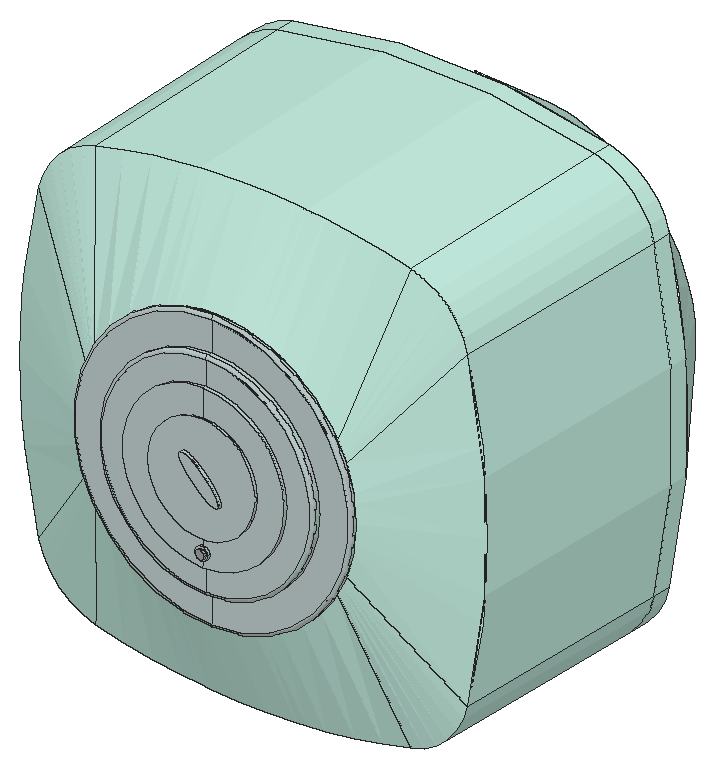
Revit family
Parameters (values of type "440 X 455 X 389")
  Wattage = 1500 W
  Hot Water Pipe Radius = Hot Water Pipe Diameter / 2  # 6.35 mm
  Hot Water Pipe Diameter = 12.7 mm
  Length D = 113 mm
  Heating Time (min) = "80"
  Heater Width = 440 mm
  Width = 455 mm
  URL = "http://www.autospec.co.za/browse.php?id=1660957480"
  Product Code = "FPRX-30-OB"
  OmniClass Title = ""
  OmniClass Number = ""
  Modspec Classification = ""
  Specification = ""
  Material = Galvanised Steel
  Weight (Kg) = "14"
  Location (revit room) = ""
  Model = "Prisma Storage Water Heater FPRX 30 OB"
  Manufacturer = "Kwikot"  # constant formula
  Length = 440 mm
  Electrical Supply = 230 V
  Depth = 389 mm
  Colour = none
  Cold Water Pipe Radius = Cold Water Pipe Diameter / 2  # 6.35 mm
  Cold Water Pipe Diameter = 12.7 mm
  Capacity (Litres) = 30.00 L
  Body Material = Green
  Body Finish = none
  Assembly Code = "D3010500"
Reference planes
  plane 1 "Center (Front/Back)": y = 0
  plane 2 "Bottom": z = 0
  plane 3 "Center (Left/Right)": x = 0
  plane 4: z = 220
  plane 5: z = -220
  plane 6: z = -235
  plane 7: x = -220
  plane 8: x = 220
  plane 9: y = 389
  plane 10: y = 276
  plane 11: y = 293.5
  plane 12: y = 20
  plane 13: y = 63.5
Forms (mm)
  Extrusion 1, solid, material "Red"
    sketch origin (-583.163, -1524, -220) x (-1, 0, 0) y (0, -1, 0)
      loop
        circle (-533.163, -1809) r 6.35
    from 4.425 to -15
  Extrusion 2, solid, material "Green" <- "Body Material"
    sketch origin (587.769, 276, 1200) x (1, 0, 0) y (0, 0, 1)
      loop
        arc (-734.962, -997.58) -> (-770.332, -1017.437) -> (-790.19, -1052.807) r 75
        arc (-790.19, -1052.807) -> (-807.769, -1200) -> (-790.19, -1347.193) r 625
        arc (-790.19, -1347.193) -> (-770.332, -1382.563) -> (-734.962, -1402.42) r 75
        arc (-734.962, -1402.42) -> (-587.769, -1420) -> (-440.577, -1402.42) r 625
        arc (-440.577, -1402.42) -> (-405.207, -1382.563) -> (-385.349, -1347.193) r 75
        arc (-385.349, -1347.193) -> (-367.769, -1200) -> (-385.349, -1052.807) r 625
        arc (-385.349, -1052.807) -> (-405.207, -1017.437) -> (-440.577, -997.58) r 75
        arc (-440.577, -997.58) -> (-587.769, -980) -> (-734.962, -997.58) r 625
    from 0 to -17.5
  Revolve 3, solid, material "Gray"
    sketch origin (0, 0, 0) x (0, 1, 0) y (0, 0, 1)
      loop
        line (15, 0) -> (15, 100) -> (11, 100)
        arc (11, 100) -> (8.879, 99.121) -> (8, 97) r 3
        line (8, 97) -> (8, 75) -> (5, 75) -> (5, 0) -> (15, 0)
      axis (15, 0) -> (5, 0)
    angle from 0 to 360
  Extrusion 4, solid, material "Blue"
    sketch origin (-583.163, -1524, -220) x (-1, 0, 0) y (0, -1, 0)
      loop
        circle (-633.163, -1809) r 6.35
    from 4.425 to -15
  Blend 5, solid, material "Green" <- "Body Material"
    base sketch origin (0, 293.5, 528.983) x (0, 0, 1) y (-1, 0, 0)
      loop
        arc (-326.563, -147.193) -> (-308.983, 0) -> (-326.563, 147.193) r 625
        arc (-326.563, 147.193) -> (-346.421, 182.563) -> (-381.79, 202.42) r 75
        arc (-381.79, 202.42) -> (-528.983, 220) -> (-676.176, 202.42) r 625
        arc (-676.176, 202.42) -> (-711.546, 182.563) -> (-731.403, 147.193) r 75
        arc (-731.403, 147.193) -> (-748.983, 0) -> (-731.403, -147.193) r 625
        arc (-731.403, -147.193) -> (-711.546, -182.563) -> (-676.176, -202.42) r 75
        arc (-676.176, -202.42) -> (-528.983, -220) -> (-381.79, -202.42) r 625
        arc (-381.79, -202.42) -> (-346.421, -182.563) -> (-326.563, -147.193) r 75
    top sketch origin (0, 293.5, 528.983) x (0, 0, 1) y (-1, 0, 0)
      loop
        arc (-407.667, -88.217) -> (-378.983, 0) -> (-407.667, 88.217) r 150
        arc (-407.667, 88.217) -> (-422.917, 106.066) -> (-440.766, 121.317) r 150
        arc (-440.766, 121.317) -> (-528.983, 150) -> (-617.201, 121.317) r 150
        arc (-617.201, 121.317) -> (-635.049, 106.066) -> (-650.3, 88.217) r 150
        arc (-650.3, 88.217) -> (-678.983, 0) -> (-650.3, -88.217) r 150
        arc (-650.3, -88.217) -> (-635.049, -106.066) -> (-617.201, -121.317) r 150
        arc (-617.201, -121.317) -> (-528.983, -150) -> (-440.766, -121.317) r 150
        arc (-440.766, -121.317) -> (-422.917, -106.066) -> (-407.667, -88.217) r 150
    from 0 to -95.5
  Blend 6, solid, material "Green" <- "Body Material"
    base sketch origin (587.769, 276, 1200) x (1, 0, 0) y (0, 0, 1)
      loop
        arc (-734.962, -997.58) -> (-770.332, -1017.437) -> (-790.19, -1052.807) r 75
        arc (-790.19, -1052.807) -> (-807.769, -1200) -> (-790.19, -1347.193) r 625
        arc (-790.19, -1347.193) -> (-770.332, -1382.563) -> (-734.962, -1402.42) r 75
        arc (-734.962, -1402.42) -> (-587.769, -1420) -> (-440.577, -1402.42) r 625
        arc (-440.577, -1402.42) -> (-405.207, -1382.563) -> (-385.349, -1347.193) r 75
        arc (-385.349, -1347.193) -> (-367.769, -1200) -> (-385.349, -1052.807) r 625
        arc (-385.349, -1052.807) -> (-405.207, -1017.437) -> (-440.577, -997.58) r 75
        arc (-440.577, -997.58) -> (-587.769, -980) -> (-734.962, -997.58) r 625
    top sketch origin (587.769, 276, 1200) x (1, 0, 0) y (0, 0, 1)
      loop
        arc (-734.256, -1000.495) -> (-768.211, -1019.559) -> (-787.274, -1053.514) r 72
        arc (-787.274, -1053.514) -> (-804.769, -1200) -> (-787.274, -1346.486) r 622
        arc (-787.274, -1346.486) -> (-768.211, -1380.441) -> (-734.256, -1399.505) r 72
        arc (-734.256, -1399.505) -> (-587.769, -1417) -> (-441.283, -1399.505) r 622
        arc (-441.283, -1399.505) -> (-407.328, -1380.441) -> (-388.265, -1346.486) r 72
        arc (-388.265, -1346.486) -> (-370.769, -1200) -> (-388.265, -1053.514) r 622
        arc (-388.265, -1053.514) -> (-407.328, -1019.559) -> (-441.283, -1000.495) r 72
        arc (-441.283, -1000.495) -> (-587.769, -983) -> (-734.256, -1000.495) r 622
    from 0 to 212.5
  Blend 7, solid, material "Green" <- "Body Material"
    base sketch origin (0, 63.5, 1442.37) x (0, 0, 1) y (-1, 0, 0)
      loop
        arc (-1588.857, 199.505) -> (-1622.812, 180.441) -> (-1641.875, 146.486) r 72
        arc (-1641.875, 146.486) -> (-1659.37, 0) -> (-1641.875, -146.486) r 622
        arc (-1641.875, -146.486) -> (-1622.812, -180.441) -> (-1588.857, -199.505) r 72
        arc (-1588.857, -199.505) -> (-1442.37, -217) -> (-1295.884, -199.505) r 622
        arc (-1295.884, -199.505) -> (-1261.929, -180.441) -> (-1242.866, -146.486) r 72
        arc (-1242.866, -146.486) -> (-1225.37, 0) -> (-1242.866, 146.486) r 622
        arc (-1242.866, 146.486) -> (-1261.929, 180.441) -> (-1295.884, 199.505) r 72
        arc (-1295.884, 199.505) -> (-1442.37, 217) -> (-1588.857, 199.505) r 622
    top sketch origin (0, 63.5, 1442.37) x (0, 0, 1) y (-1, 0, 0)
      loop
        arc (-1377.886, 112.88) -> (-1386.305, 117.289) -> (-1395.023, 121.071) r 130
        arc (-1395.023, 121.071) -> (-1442.37, 130) -> (-1489.718, 121.071) r 130
        arc (-1489.718, 121.071) -> (-1498.436, 117.289) -> (-1506.855, 112.88) r 130
        arc (-1506.855, 112.88) -> (-1572.37, 0) -> (-1506.855, -112.88) r 130
        arc (-1506.855, -112.88) -> (-1498.436, -117.289) -> (-1489.718, -121.071) r 130
        arc (-1489.718, -121.071) -> (-1442.37, -130) -> (-1395.023, -121.071) r 130
        arc (-1395.023, -121.071) -> (-1386.305, -117.289) -> (-1377.886, -112.88) r 130
        arc (-1377.886, -112.88) -> (-1312.37, 0) -> (-1377.886, 112.88) r 130
    from 0 to 43.5
  Revolve 8, solid, material "Gray"
    sketch origin (0, 0, 0) x (0, 1, 0) y (0, 0, 1)
      loop
        line (20, 0) -> (20, 130) -> (18, 130)
        arc (18, 130) -> (15.879, 129.121) -> (15, 127) r 3
        line (15, 127) -> (15, 0) -> (20, 0)
      axis (20, 0) -> (15, 0)
    angle from 0 to 360
  Extrusion 9, solid, material "Gray"
    sketch origin (0, 0, 0) x (1, 0, 0) y (0, 0, 1)
      loop
        circle (0, 0) r 50
    from -3 to -5
  Extrusion 10, solid, material "Gray"
    sketch origin (0, 0, 0) x (1, 0, 0) y (0, 0, 1)
      loop
        spline (17.464, -17.766) -> (18.143, -15.883) -> (17.571, -12.923) -> (15.787, -9.088) -> (12.912, -4.641) -> (9.143, 0.117) -> (4.737, 4.861) -> (-0.007, 9.268) -> (-4.765, 13.037) -> (-9.213, 15.912) -> (-13.048, 17.696) -> (-16.007, 18.268) -> (-17.891, 17.589)
        spline (-17.891, 17.589) -> (-18.57, 15.706) -> (-17.997, 12.746) -> (-16.213, 8.912) -> (-13.339, 4.464) -> (-9.57, -0.294) -> (-5.163, -5.038) -> (-0.419, -9.445) -> (4.339, -13.214) -> (8.787, -16.088) -> (12.621, -17.873) -> (15.581, -18.445) -> (17.464, -17.766)
    from 0 to -3
  Extrusion 11, solid, material "Yellow"
    sketch origin (0, 0, 0) x (1, 0, 0) y (0, 0, 1)
      loop
        circle (0, -62.5) r 4
    from -1 to -3
  Extrusion 12, solid
    sketch origin (-220, -1524, -438.75) x (0, 0, -1) y (0, -1, 0)
      loop
        circle (-438.75, -1701.336) r 20
    from 0 to 3
  Extrusion 13, solid, material "Gray"
    sketch origin (0, 0, 0) x (1, 0, 0) y (0, 0, 1)
      loop
        circle (0, -62.5) r 6
    from -3 to -5
Cuts and joins
  joined: Extrusion 2, Blend 5, Blend 6, Blend 7
Lines and regions (mm)
  symbolic lines
    curve 1: line (-220.657, 293.5, -220) -> (220.267, 293.5, -220)
    curve 2: line (-220, 276, -220) -> (220, 276, -220)
    curve 3: line (-217, 63.501, -220) -> (217, 63.501, -220)
    curve 4: arc (-56.35, 285, 220) -> (-50, 278.65, 220) -> (-43.65, 285, 220) r 6.35
    curve 5: arc (-43.65, 285, 220) -> (-50, 291.35, 220) -> (-56.35, 285, 220) r 6.35
    curve 6: arc (43.65, 285, 220) -> (50, 278.65, 220) -> (56.35, 285, 220) r 6.35
    curve 7: arc (56.35, 285, 220) -> (50, 291.35, 220) -> (43.65, 285, 220) r 6.35
    curve 8: line (150, 389, 220) -> (-150, 389, 220)
    curve 9: line (-220, 293.5, 220) -> (220.267, 293.5, 220)
    curve 10: line (-220, 276, 220) -> (220, 276, 220)
    curve 11: line (-217, 63.501, 220) -> (217, 63.501, 220)
    curve 12: line (-220, 276, 220) -> (-217, 63.501, 220)
    curve 13: line (220, 276, 220) -> (217, 63.501, 220)
    curve 14: line (150, 389, 220) -> (220, 293.5, 220)
    curve 15: line (220, 293.5, 220) -> (220, 276, 220)
    curve 16: line (-220, 293.5, 220) -> (-150, 389, 220)
    curve 17: line (-220, 293.5, 220) -> (-220, 276, 220)
    curve 18: line (-217, 63.501, 220) -> (-130, 20, 220)
    curve 19: line (-130, 20, 220) -> (130, 20, 220)
    curve 20: line (130, 20, 220) -> (217, 63.501, 220)
    curve 21: line (-130, 20, 220) -> (-130, 18, 220)
    curve 22: line (-127, 15, 220) -> (127, 15, 220)
    curve 23: line (130, 18, 220) -> (130, 20, 220)
    curve 24: line (-100, 15, 220) -> (-100, 11.001, 220)
    curve 25: line (-97, 8.001, 220) -> (97, 8.001, 220)
    curve 26: line (100, 11.001, 220) -> (100, 15, 220)
    curve 27: line (-75, 8.001, 220) -> (-75, 5.003, 220)
    curve 28: line (-75, 5.003, 220) -> (75, 5.003, 220)
    curve 29: line (75, 5.003, 220) -> (75, 8.001, 220)
    curve 30: line (-50.005, 5.003, 220) -> (-50.005, 3, 220)
    curve 31: line (-50.005, 3, 220) -> (50.005, 3, 220)
    curve 32: line (50.005, 3, 220) -> (50.005, 5.003, 220)
    curve 33: line (-18.571, 3, 220) -> (-18.571, 0, 220)
    curve 34: line (-18.571, 0, 220) -> (18.14, 0, 220)
    curve 35: line (18.14, 0, 220) -> (18.14, 3, 220)
    curve 36: arc (-127, 15, 220) -> (-129.121, 15.879, 220) -> (-130, 18, 220) r 3
    curve 37: arc (-97, 8.001, 220) -> (-99.121, 8.879, 220) -> (-100, 11.001, 220) r 3
    curve 38: arc (97, 8.001, 220) -> (99.121, 8.879, 220) -> (100, 11.001, 220) r 3
    curve 39: arc (127, 15, 220) -> (129.121, 15.879, 220) -> (130, 18, 220) r 3
  symbolic lines, detail levels fine
    curve 40: line (-4, 1, 220) -> (4, 1, 220)
    curve 41: line (4, 1, 220) -> (4, 3, 220)
    curve 42: line (-4, 1, 220) -> (-4, 3, 220)
    curve 43: line (-6.011, 3, 220) -> (-6.011, 5.003, 220)
    curve 44: line (5.994, 3, 220) -> (5.994, 5.003, 220)
Dimensions and locks
  "Heater Width": plane 4 to plane 5
  "Length": plane 7 to plane 8
  equal spacing: plane 7, plane 3 "Center (Left/Right)", plane 8
  equal spacing: plane 4, level, plane 5
  "Depth": plane 9 to plane 1 "Center (Front/Back)"
  Extrusion 1 sketch curve to plane 3 "Center (Left/Right)" = 50 mm
  "Length D": plane 9 to plane 10
  plane 3 "Center (Left/Right)" to Extrusion 4 sketch curve = 50 mm
  "Width": plane 4 to plane 6
  Extrusion 4 sketch curve to plane 9 = 104 mm
  Extrusion 1 sketch curve to plane 9 = 104 mm
  Revolve 8 sketch curve to Revolve 8 sketch curve = 130 mm
  Revolve 3 sketch curve to level = 100 mm
  Revolve 3 sketch curve to level = 75 mm
  level to Extrusion 11 sketch curve = 62.5 mm
  level to Extrusion 13 sketch curve = 62.5 mm
  "Hot Water Pipe Radius": radius of Extrusion 1 sketch curve
  "Cold Water Pipe Radius": radius of Extrusion 4 sketch curve
  aligned and locked: plane 2 "Bottom" to level
  aligned: Extrusion 1 to plane 6
  aligned and locked: plane 2 "Bottom" to Revolve 3 sketch curve
  aligned and locked: Extrusion 4 to plane 6
  aligned and locked: Extrusion 4 to Extrusion 1
  aligned and locked: Extrusion 1 to Extrusion 4
  aligned and locked: Extrusion 1 to plane 6
  aligned and locked: Blend 5 to plane 9
  aligned and locked: curve 4 to Extrusion 1
  aligned and locked: curve 5 to Extrusion 1
  aligned and locked: curve 6 to Extrusion 4
  aligned and locked: curve 7 to Extrusion 4
  aligned and locked: Blend 5 sketch curve to cut or joined group of Extrusion 2, Blend 5, Blend 6, Blend 7  (x8)
  aligned and locked: plane 11 to Blend 5
  aligned and locked: Blend 6 sketch curve to cut or joined group of Extrusion 2, Blend 5, Blend 6, Blend 7  (x8)
  aligned and locked: Blend 7 sketch curve to cut or joined group of Extrusion 2, Blend 5, Blend 6, Blend 7  (x8)
  aligned and locked: plane 12 to Blend 7
  aligned and locked: curve 8 to cut or joined group of Extrusion 2, Blend 5, Blend 6, Blend 7
  aligned and locked: curve 1 to curve 9
  aligned and locked: curve 10 to curve 2
  aligned and locked: curve 11 to curve 3
  aligned and locked: curve 12 to curve 3
  aligned and locked: curve 13 to curve 3
  aligned and locked: plane 8 to curve 15
  aligned and locked: plane 7 to curve 17
  aligned and locked: plane 2 "Bottom" to Revolve 8 sketch curve  (x2)
  aligned and locked: cut or joined group of Extrusion 2, Blend 5, Blend 6, Blend 7 to Revolve 8 sketch curve
  aligned: Extrusion 9 to Revolve 3
  aligned and locked: curve 31 to Extrusion 9
  aligned and locked: curve 40 to Extrusion 11
Automatic sketch dimensions
  plane 11 to curve 1 = 0 mm
  curve 2 to plane 8 = 0 mm
  curve 2 to plane 7 = 0 mm
  plane 10 to curve 2 = 0 mm
  curve 1 to plane 8 = 0.267 mm
  curve 3 to plane 13 = 0.001 mm
  plane 8 to curve 3 = 3 mm
  curve 3 to plane 7 = 3 mm
  plane 7 to curve 1 = 0.657 mm
  Extrusion 2 sketch curve to level = 0 mm  (x2)
  Extrusion 2 sketch curve to plane 3 "Center (Left/Right)" = 0 mm  (x2)
  plane 5 to Extrusion 2 sketch curve = 17.58 mm  (x2)
  Extrusion 2 sketch curve to Extrusion 2 sketch curve = 17.663 mm  (x3)
  Extrusion 2 sketch curve to plane 4 = 17.58 mm
  Extrusion 2 sketch curve to Extrusion 2 sketch curve = 0 mm  (x7)
  Extrusion 2 sketch curve to plane 7 = 17.58 mm
  Extrusion 2 sketch curve to Extrusion 2 sketch curve = 72.89 mm
  plane 7 to Extrusion 2 sketch curve = 185 mm
  plane 8 to Extrusion 2 sketch curve = 90.47 mm
  plane 8 to Extrusion 2 sketch curve = 72.807 mm
  plane 8 to Extrusion 2 sketch curve = 17.58 mm  (x2)
  Blend 5 sketch curve to Blend 5 sketch curve = 0 mm  (x56)
  Blend 5 sketch curve to level = 0 mm
  Blend 5 sketch curve to plane 3 "Center (Left/Right)" = 0 mm
  Blend 5 sketch curve to level = 88.217 mm  (x2)
  Blend 5 sketch curve to Blend 5 sketch curve = 33.099 mm  (x4)
  level to Blend 5 sketch curve = 88.217 mm  (x2)
  plane 3 "Center (Left/Right)" to Blend 5 sketch curve = 88.217 mm
  Blend 6 sketch curve to level = 0 mm  (x2)
  Blend 6 sketch curve to plane 3 "Center (Left/Right)" = 0 mm  (x2)
  Blend 6 sketch curve to plane 7 = 90.47 mm
  Blend 6 sketch curve to plane 4 = 20.495 mm
  Blend 6 sketch curve to Blend 6 sketch curve = 16.957 mm  (x4)
  plane 5 to Blend 6 sketch curve = 20.495 mm
  Blend 6 sketch curve to Blend 6 sketch curve = 0 mm  (x7)
  Blend 6 sketch curve to plane 7 = 20.495 mm
  Blend 6 sketch curve to Blend 6 sketch curve = 69.975 mm  (x3)
  plane 7 to Blend 6 sketch curve = 185 mm
  plane 8 to Blend 6 sketch curve = 90.47 mm
  plane 12 to Revolve 8 sketch curve = 2 mm
  plane 12 to Revolve 8 sketch curve = 5 mm
  plane 1 "Center (Front/Back)" to Revolve 8 sketch curve = 55 mm
  Revolve 8 sketch curve to plane 13 = 31.5 mm
  Revolve 3 sketch curve to level = 0 mm
  plane 1 "Center (Front/Back)" to Revolve 3 sketch curve = 7.054 mm
  Revolve 3 sketch curve to plane 1 "Center (Front/Back)" = 5 mm
  Revolve 3 sketch curve to Revolve 3 sketch curve = 3 mm  (x2)
  Revolve 3 sketch curve to Revolve 3 sketch curve = 4 mm
  Revolve 3 sketch curve to plane 12 = 17.946 mm
  Extrusion 9 sketch curve to level = 0 mm
  Extrusion 9 sketch curve to plane 3 "Center (Left/Right)" = 0 mm
  Extrusion 11 sketch curve to plane 3 "Center (Left/Right)" = 0 mm
  Extrusion 11 sketch curve to plane 3 "Center (Left/Right)" = 4 mm
  Extrusion 12 sketch curve to level = 0 mm
  plane 10 to Extrusion 12 sketch curve = 98.664 mm
  Extrusion 10 sketch curve to level = 0.088 mm
  Extrusion 10 sketch curve to plane 3 "Center (Left/Right)" = 0.213 mm
  plane 3 "Center (Left/Right)" to Extrusion 10 sketch curve = 17.464 mm
  Extrusion 13 sketch curve to plane 3 "Center (Left/Right)" = 0 mm
  Blend 7 sketch curve to Blend 7 sketch curve = 17.137 mm  (x4)
  Blend 7 sketch curve to Blend 7 sketch curve = 0 mm  (x56)
  Blend 7 sketch curve to level = 0 mm
  Blend 7 sketch curve to plane 3 "Center (Left/Right)" = 0 mm
  Blend 7 sketch curve to level = 47.348 mm  (x2)
  level to Blend 7 sketch curve = 47.348 mm  (x2)
  plane 8 to Blend 7 sketch curve = 107.12 mm
  curve 14 to plane 8 = 0 mm
  plane 9 to curve 14 = 0 mm
  plane 12 to curve 20 = 0 mm
  plane 1 "Center (Front/Back)" to curve 35 = 0 mm
  curve 9 to curve 14 = 0.267 mm
  plane 8 to curve 14 = 70 mm
  plane 8 to curve 20 = 90 mm
  curve 23 to curve 39 = 3 mm
  plane 12 to curve 26 = 8.999 mm
  curve 22 to curve 26 = 27 mm
  curve 38 to curve 38 = 3 mm
  curve 29 to plane 1 "Center (Front/Back)" = 5.003 mm
  curve 25 to curve 29 = 22 mm
  curve 28 to curve 32 = 24.995 mm
  plane 3 "Center (Left/Right)" to curve 35 = 18.14 mm
  plane 3 "Center (Left/Right)" to curve 44 = 5.994 mm
  curve 44 to curve 41 = 1.994 mm
  curve 42 to plane 3 "Center (Left/Right)" = 4 mm
  curve 42 to curve 43 = 2.011 mm
  curve 43 to curve 34 = 12.56 mm
  curve 33 to curve 31 = 31.433 mm
  curve 30 to curve 27 = 24.995 mm
  curve 27 to curve 37 = 22 mm
  curve 37 to curve 24 = 3 mm
  plane 12 to curve 36 = 2 mm
  curve 24 to curve 36 = 27 mm
  curve 36 to curve 18 = 3 mm
  curve 8 to plane 7 = 70 mm
  radius of Extrusion 9 sketch curve = 50 mm
  radius of Extrusion 12 sketch curve = 20 mm
  radius of Extrusion 13 sketch curve = 6 mm
Connectors
  piping at (-50, 285, -235), driven by "Hot Water Pipe Radius"
    settings: on Extrusion 1, index 1, connector radius 6.35 mm, flow factor 0, pipe flow 0.0 L/s, pressure drop 0 kPa, fitting loss kfactor 0, connector angle 0.00°, fixture units 0, flow configuration 0, flow direction 2, fitting loss method 0, system type 19, connector reference index -1, connector utility 0, adjustable connector no, is connector primary no, fitting loss table "", connector description "Outlet Pipe Connector"
  piping at (50, 285, -235), driven by "Cold Water Pipe Radius"
    settings: on Extrusion 4, index 2, connector radius 6.35 mm, flow factor 0, pipe flow 0.0 L/s, pressure drop 0 kPa, fitting loss kfactor 0, connector angle 0.00°, fixture units 0, flow configuration 0, flow direction 1, fitting loss method 0, system type 20, connector reference index -1, connector utility 0, adjustable connector no, is connector primary yes, fitting loss table "", connector description "Inlet Pipe Connector"
  electrical at (-223, 177.336, 0), driven by "Electrical Supply", driven by "Wattage"
    settings: on Extrusion 12, index 3, voltage 230 V, apparent load 0 kW, apparent load phase1 1.5 kW, apparent load phase2 0 kW, apparent load phase3 0 kW, power factor 1, load classification "Other", number of poles 1, system type 31, power factor state 1, is connector primary yes, connector utility no, sub classification motor no, connector description "Electrical Connector"
